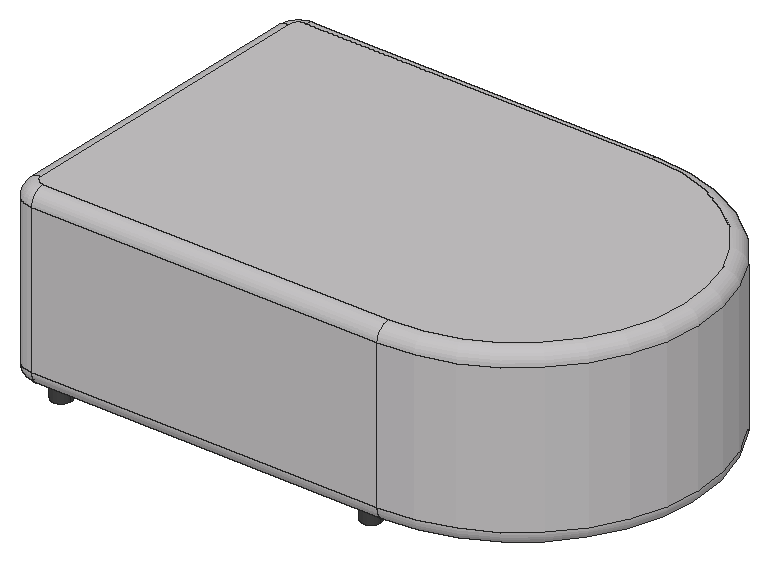
Revit family "FU_Chair_Sandler_ENTROPY_ENT0025TA", category Furniture, Revit 2020
Family settings
  OmniClass Number = 23.21.23.15.17
  Work Plane-Based = Yes
  Always vertical = No
  Cut with Voids When Loaded = No
  Shared = No
  Room Calculation Point = No
Parameters (values of type "ENTROPY ENT0025TA")
  Youtube clip = ""
  Width = 1150.000 mm  # constant formula
  Uniformat II Description = "Movable Furnishings"
  Uniformat II Code = ""
  Uniclass 2015 Name = ""
  Uniclass 2015 Code = ""
  Uniclass 2.0 Description = ""
  Uniclass 2.0 Code = ""
  Uniclass 1.4 Description = ""
  Uniclass 1.4 Code = ""
  UNSPSC Code = ""
  Technical description = ""
  Seat Material = Leather - Gaja - 60005
  Frame Material = Steel - Frame - Black
  Region South America = "All"
  Region Oceania = "All"
  Region North America = "All"
  Region Middle East = "All"
  Region Europe = "All"
  Region Asia = "All"
  Region Antarctica = "All"
  Region Africa = "All"
  QR code = ""
  Product url = "https://www.sandlerseating.com/product/ent0025ta/"
  Product name = ""
  Product group = "Chair"
  Product family = "Furniture"
  Product data url = "https://www.sandlerseating.com/product/ent0025ta/"
  Product certification = ""
  Product SKU = ""
  Product Guid = ""
  OmniClass Description = ""
  OmniClass Code = "23-21 23 15 17"
  NBS Reference Description = ""
  NBS Reference Code = ""
  Model = "ENTROPY ENT0025TA"
  Masterformat 2014 Description = "Chair Mats"
  Masterformat 2014 Code = "12 48 43.13"
  Manufacturer name = "Sandler"
  Manufacturer country = "UK"
  Manufacturer = "Sandler"
  Installation instructions = ""
  IFC Classification = "Furnishing Element"
  GTIN code = ""
  Edition number = 1
  Design country = "UK"
  Description = "Chair"
  Depth = 750.000 mm  # constant formula
  Default Elevation = 0.000 mm
  Date of publishing = ""
  COBIe Type Category = ""
  Brand url = "https://www.sandlerseating.com/"
  BIMobject main category code = "furniture"
  BIMobject main category = "Furniture"
  BIMobject category code = "furniture-chair"
  BIMobject category = "Chair"
Reference planes
  plane 1 "Center Front/Back": y = 0
  plane 2: z = 0
  plane 3 "Center Left/Right": x = 0
  plane 4: y = 375
  plane 5: y = -375
  plane 6: x = -575
  plane 7: x = 575
  plane 8: z = 410
  plane 9: z = 40
  plane 10: x = -537.5
  plane 11: x = 537.5
  plane 12: y = -337.5
  plane 13: y = 337.5
Forms (mm)
  Extrusion 1, solid, material "Leather - Gaja - 60005" <- "Seat Material"
    sketch origin (0, 0, 0) x (1, 0, 0) y (0, 1, 0)
      loop
        arc (-525, 375) -> (-560.355, 360.355) -> (-575, 325) r 50
        line (-575, 325) -> (-575, -325)
        arc (-575, -325) -> (-560.355, -360.355) -> (-525, -375) r 50
        line (-525, -375) -> (200, -375)
        arc (200, -375) -> (575, 0) -> (200, 375) r 375
        line (200, 375) -> (-525, 375)
    from 40 to 410
  Extrusion 2, solid, material "Steel - Frame - Black" <- "Frame Material"
    sketch origin (0, 0, 0) x (1, 0, 0) y (0, 1, 0)
      loop
        circle (-512.5, 312.5) r 20
      loop
        circle (-512.5, -312.5) r 20
      loop
        circle (137.5, 312.5) r 20
      loop
        circle (137.5, -312.5) r 20
    from 0 to 40
  Sweep 3, void
    path in 3D
      loop
        arc (-575, -325, 410) -> (-560.355, -360.355, 410) -> (-525, -375, 410) r 50
        line (-525, -375, 410) -> (200, -375, 410)
        arc (200, -375, 410) -> (575, 0, 410) -> (200, 375, 410) r 375
        line (200, 375, 410) -> (-525, 375, 410)
        arc (-525, 375, 410) -> (-560.355, 360.355, 410) -> (-575, 325, 410) r 50
        line (-575, 325, 410) -> (-575, -325, 410)
    profile origin (-575, 0, 410) x (1, 0, 0) y (0, 0, 1)
      loop
        line (0, 0) -> (0, -30)
        arc (0, -30) -> (8.787, -8.787) -> (30, 0) r 30
        line (30, 0) -> (0, 0)
      loop
        line (0, -370) -> (30, -370)
        arc (30, -370) -> (8.787, -361.213) -> (0, -340) r 30
        line (0, -340) -> (0, -370)
Cuts and joins
  Sweep 3 cuts Extrusion 1
Lines and regions (mm)
  sketch lines
    curve 1: line (-575, 325, 410) -> (-575, -325, 410)
    curve 2: arc (-525, -375, 410) -> (-560.355, -360.355, 410) -> (-575, -325, 410) r 50
    curve 3: line (-525, -375, 410) -> (200, -375, 410)
    curve 4: arc (200, 375, 410) -> (575, 0, 410) -> (200, -375, 410) r 375
    curve 5: line (200, 375, 410) -> (-525, 375, 410)
    curve 6: arc (-575, 325, 410) -> (-560.355, 360.355, 410) -> (-525, 375, 410) r 50
Dimensions and locks
  equal spacing: plane 4, plane 1 "Center Front/Back", plane 5
  "Depth": plane 4 to plane 5
  equal spacing: plane 6, plane 3 "Center Left/Right", plane 7
  "Width": plane 6 to plane 7
  locked: plane 11 to plane 7 at 37.5
  locked: plane 6 to plane 10 at 37.5
  locked: plane 4 to plane 13 at 37.5
  locked: plane 12 to plane 5 at 37.5
  aligned and locked: level to plane 2
  aligned and locked: Extrusion 1 sketch curve to plane 4
  aligned and locked: plane 5 to Extrusion 1 sketch curve
Automatic sketch dimensions
  Extrusion 1 sketch curve to plane 6 = 0.000 mm
  plane 10 to Extrusion 1 sketch curve = 12.500 mm  (x2)
  plane 3 "Center Left/Right" to Extrusion 1 sketch curve = 200.000 mm
  plane 10 to Extrusion 2 sketch curve = 25.000 mm  (x2)
  Extrusion 2 sketch curve to plane 13 = 25.000 mm  (x2)
  plane 3 "Center Left/Right" to Extrusion 2 sketch curve = 137.500 mm  (x2)
  plane 12 to Extrusion 2 sketch curve = 25.000 mm  (x2)
  profile plane to Sweep 3 sketch curve = 0.000 mm  (x2)
  Sweep 3 sketch curve to profile plane = 0.000 mm
  Sweep 3 sketch curve to Sweep 3 sketch curve = 30.000 mm
  Sweep 3 sketch curve to profile plane = 30.000 mm
  Sweep 3 sketch curve to Sweep 3 sketch curve = 310.000 mm
  radius of Extrusion 2 sketch curve = 20.000 mm  (x4)
